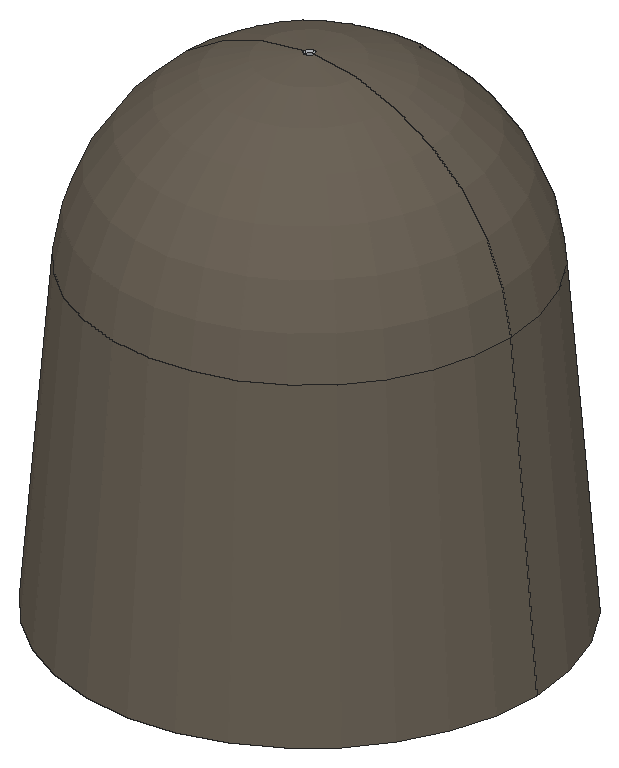
Revit family "MN27 SHADE", category Lighting Fixtures, Revit 2024
Family settings
  Round Connector Dimension = Use Diameter
  Part Type = Normal
  OmniClass Number = 23.80.70.00
  OmniClass Title = Lighting
  Work Plane-Based = No
  Always vertical = Yes
  Cut with Voids When Loaded = No
  Light Source = Yes
  Maintain Annotation Orientation = No
  Shared = No
  Room Calculation Point = No
Parameters
  Wattage = 12.1178 W
  built-in parameter 1150110 = 1 (stored number, unit not read)
  built-in parameter 1114217 = 1 (stored number, unit not read)
  built-in parameter 1150109 = 1 (stored number, unit not read)
  built-in parameter 1150134 = (empty or 0)
  built-in parameter 1150113 = 1 (stored number, unit not read)
  Lumens = 1800 lm
  built-in parameter 1150115 = 1 (stored number, unit not read)
  built-in parameter 1150105 = 143.24 (stored number, unit not read)
  Light Source Symbol Size = 2' - 0"
  built-in parameter 1150137 = (empty or 0)
  built-in parameter 1150139 = (empty or 0)
  built-in parameter 1150112 = 1 (stored number, unit not read)
  built-in parameter 1150114 = 1 (stored number, unit not read)
  built-in parameter 1150132 = 2
  built-in parameter 1150102 = (empty or 0)
  built-in parameter 1150138 = (empty or 0)
  built-in parameter 1150107 = 3000 (stored number, unit not read)
  built-in parameter 1150106 = 1.4324 (stored number, unit not read)
  built-in parameter 1150104 = 13.8 (stored number, unit not read)
  Dimming Lamp Color Temperature Shift = (empty or 0)
  Default Elevation = 0' - 0"
  Color Filter = 16777215
  built-in parameter 1114218 = 1 (stored number, unit not read)
  built-in parameter 1150133 = 10 (stored number, unit not read)
Reference planes (in)
  plane 1 "Light Source Axis (F/B)": y = 0
  plane 2: z = 0
  plane 3 "Light Source Axis (L/R)": x = 0
  plane 4 "Light Source Elevation": z = 96
Forms (in)
  Revolve 1, solid
    sketch origin (0, 0, 0) x (1, 0, 0) y (0, 0, 1)
      loop
        arc (-0.3, 125.49625) -> (-8.23505, 122.22834) -> (-11.95855, 114.49659) r 12
        line (-11.95855, 114.49659) -> (-13.50087, 95.98962) -> (-13.37543, 95.98962) -> (-11.83398, 114.48621)
        arc (-11.83398, 114.48621) -> (-8.15041, 122.13635) -> (-0.3, 125.37121) r 11.875
        line (-0.3, 125.37121) -> (-0.3, 125.49625)
      axis (0, 125.49625) -> (0, 95.98962)
    angle from 0 to 360
Dimensions and locks (in)
  aligned and locked: plane 3 "Light Source Axis (L/R)" to imposter light
  aligned and locked: plane 1 "Light Source Axis (F/B)" to imposter light
  aligned and locked: plane 4 "Light Source Elevation" to imposter light
  aligned and locked: level to plane 2
